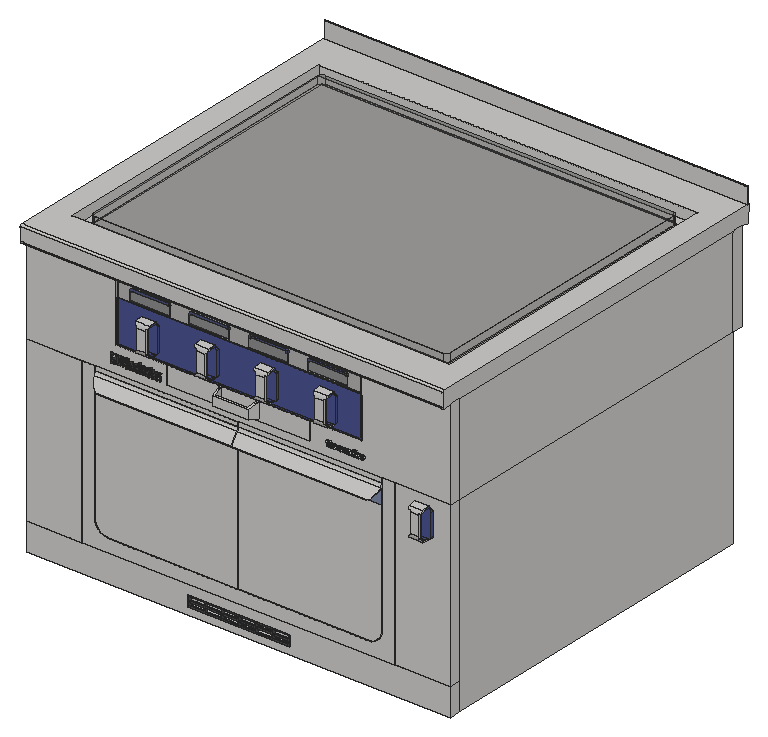
Revit family "QF_ELECTROLUXPROFESSIONAL_589696_MCLPEBJ4AO", category Attrezzature speciali, Revit 2020 (continued)
Definition of nested family "Front_Panel_W1000_Four Knobs"
  Definition of nested family "ELX_Professional_Logo_Small"
    Forms (mm)
      Extrusion 2, solid, material <- "Material_Logo"
        sketch origin (15.5, 0, 0) x (1, 0, 0) y (0, 1, 0)
          loop
            spline (-14.951, -3.871) -> (-14.564, -3.86) -> (-14.184, -3.826) -> (-13.809, -3.77) -> (-13.44, -3.689) -> (-13.078, -3.583) -> (-12.723, -3.451) -> (-12.375, -3.292) -> (-12.035, -3.105) -> (-11.703, -2.89) -> (-11.38, -2.646) -> (-11.065, -2.371) -> (-10.76, -2.066)
            line (-10.76, -2.066) -> (-12.295, -0.468)
            spline (-12.295, -0.468) -> (-12.474, -0.643) -> (-12.659, -0.805) -> (-12.85, -0.953) -> (-13.048, -1.087) -> (-13.254, -1.206) -> (-13.467, -1.311) -> (-13.69, -1.4) -> (-13.921, -1.475) -> (-14.162, -1.533) -> (-14.414, -1.575) -> (-14.677, -1.6) -> (-14.951, -1.609)
            spline (-14.951, -1.609) -> (-15.398, -1.581) -> (-15.823, -1.497) -> (-16.223, -1.362) -> (-16.596, -1.179) -> (-16.937, -0.95) -> (-17.243, -0.678) -> (-17.512, -0.367) -> (-17.739, -0.02) -> (-17.921, 0.36) -> (-18.055, 0.771) -> (-18.138, 1.208) -> (-18.167, 1.669)
          loop
            spline (-4.441, -1.243) -> (-4.659, -1.247) -> (-4.894, -1.23) -> (-5.137, -1.19) -> (-5.384, -1.121) -> (-5.628, -1.021) -> (-5.864, -0.884) -> (-6.084, -0.708) -> (-6.283, -0.488) -> (-6.454, -0.219) -> (-6.592, 0.101) -> (-6.69, 0.478) -> (-6.742, 0.914)
            line (-6.742, 0.914) -> (-6.742, 4.587) -> (-4.487, 4.587) -> (-4.487, 6.838) -> (-6.738, 6.838) -> (-6.738, 10.824) -> (-9.217, 10.824) -> (-9.217, 0.773)
            spline (-9.217, 0.773) -> (-9.164, 0.19) -> (-9.068, -0.358) -> (-8.928, -0.87) -> (-8.742, -1.343) -> (-8.511, -1.777) -> (-8.232, -2.168) -> (-7.904, -2.515) -> (-7.527, -2.816) -> (-7.098, -3.069) -> (-6.618, -3.273) -> (-6.084, -3.426) -> (-5.496, -3.525)
            line (-5.496, -3.525) -> (-4.45, -3.573) -> (-4.441, -1.243)
          loop
            spline (3.898, 6.983) -> (3.469, 7.009) -> (3.056, 7.001) -> (2.661, 6.961) -> (2.283, 6.888) -> (1.925, 6.785) -> (1.588, 6.652) -> (1.272, 6.49) -> (0.979, 6.301) -> (0.71, 6.085) -> (0.465, 5.844) -> (0.247, 5.578) -> (0.056, 5.289)
            line (0.056, 5.289) -> (0.056, 6.838) -> (-2.402, 6.838) -> (-2.402, -3.572) -> (0.056, -3.572) -> (0.056, 1.901)
            spline (0.056, 1.901) -> (0.079, 2.316) -> (0.145, 2.703) -> (0.254, 3.06) -> (0.404, 3.386) -> (0.592, 3.679) -> (0.818, 3.938) -> (1.08, 4.162) -> (1.375, 4.348) -> (1.703, 4.495) -> (2.062, 4.602) -> (2.45, 4.668) -> (2.865, 4.69)
            line (2.865, 4.69) -> (3.898, 4.586) -> (3.898, 6.983)
          loop
            spline (15.638, 1.633) -> (15.586, 2.396) -> (15.435, 3.124) -> (15.192, 3.81) -> (14.863, 4.449) -> (14.455, 5.034) -> (13.975, 5.56) -> (13.43, 6.021) -> (12.826, 6.411) -> (12.17, 6.724) -> (11.469, 6.955) -> (10.729, 7.098) -> (9.958, 7.147)
            spline (9.958, 7.147) -> (9.182, 7.098) -> (8.44, 6.955) -> (7.737, 6.724) -> (7.081, 6.411) -> (6.477, 6.021) -> (5.933, 5.56) -> (5.454, 5.034) -> (5.048, 4.449) -> (4.721, 3.81) -> (4.479, 3.124) -> (4.329, 2.396) -> (4.277, 1.633)
            spline (4.277, 1.633) -> (4.329, 0.869) -> (4.479, 0.141) -> (4.721, -0.544) -> (5.048, -1.183) -> (5.454, -1.768) -> (5.933, -2.294) -> (6.477, -2.755) -> (7.081, -3.145) -> (7.737, -3.459) -> (8.44, -3.69) -> (9.182, -3.833) -> (9.958, -3.882)
            spline (9.958, -3.882) -> (10.729, -3.833) -> (11.469, -3.69) -> (12.17, -3.459) -> (12.826, -3.145) -> (13.43, -2.755) -> (13.975, -2.294) -> (14.455, -1.768) -> (14.863, -1.183) -> (15.192, -0.544) -> (15.435, 0.141) -> (15.586, 0.869) -> (15.638, 1.633)
          loop
            spline (13.18, 1.633) -> (13.151, 2.083) -> (13.067, 2.513) -> (12.932, 2.918) -> (12.748, 3.296) -> (12.52, 3.642) -> (12.251, 3.954) -> (11.943, 4.227) -> (11.601, 4.459) -> (11.228, 4.645) -> (10.828, 4.782) -> (10.403, 4.867) -> (9.958, 4.896)
            spline (9.958, 4.896) -> (9.509, 4.867) -> (9.081, 4.782) -> (8.679, 4.645) -> (8.306, 4.459) -> (7.964, 4.227) -> (7.658, 3.954) -> (7.39, 3.642) -> (7.163, 3.296) -> (6.981, 2.918) -> (6.847, 2.513) -> (6.765, 2.083) -> (6.736, 1.633)
            spline (6.736, 1.633) -> (6.765, 1.182) -> (6.847, 0.753) -> (6.981, 0.347) -> (7.163, -0.031) -> (7.39, -0.377) -> (7.658, -0.689) -> (7.964, -0.962) -> (8.306, -1.193) -> (8.679, -1.38) -> (9.081, -1.517) -> (9.509, -1.602) -> (9.958, -1.631)
            spline (9.958, -1.631) -> (10.403, -1.602) -> (10.828, -1.517) -> (11.228, -1.38) -> (11.601, -1.193) -> (11.943, -0.962) -> (12.251, -0.689) -> (12.52, -0.377) -> (12.748, -0.031) -> (12.932, 0.347) -> (13.067, 0.753) -> (13.151, 1.182) -> (13.18, 1.633)
          loop
            line (17.162, 4.269) -> (17.162, -3.573) -> (19.642, -3.573) -> (19.642, 10.824) -> (17.162, 10.824) -> (17.162, 4.269)
          loop
            line (28.581, 6.838) -> (28.581, 0.786)
            spline (28.581, 0.786) -> (28.561, 0.393) -> (28.503, 0.038) -> (28.409, -0.279) -> (28.281, -0.559) -> (28.122, -0.802) -> (27.933, -1.011) -> (27.717, -1.185) -> (27.476, -1.325) -> (27.213, -1.433) -> (26.929, -1.509) -> (26.626, -1.554) -> (26.308, -1.569)
            spline (26.308, -1.569) -> (25.99, -1.554) -> (25.688, -1.509) -> (25.404, -1.434) -> (25.141, -1.326) -> (24.9, -1.187) -> (24.684, -1.014) -> (24.496, -0.807) -> (24.336, -0.565) -> (24.209, -0.288) -> (24.115, 0.026) -> (24.057, 0.376) -> (24.037, 0.765)
            line (24.037, 0.765) -> (24.037, 6.838) -> (21.537, 6.838) -> (21.537, 0.558)
            spline (21.537, 0.558) -> (21.581, -0.153) -> (21.71, -0.8) -> (21.916, -1.384) -> (22.195, -1.904) -> (22.54, -2.362) -> (22.944, -2.757) -> (23.403, -3.09) -> (23.909, -3.362) -> (24.456, -3.572) -> (25.04, -3.722) -> (25.652, -3.811) -> (26.288, -3.841)
            spline (26.288, -3.841) -> (26.929, -3.811) -> (27.547, -3.72) -> (28.135, -3.568) -> (28.687, -3.355) -> (29.197, -3.079) -> (29.66, -2.741) -> (30.068, -2.341) -> (30.415, -1.877) -> (30.696, -1.349) -> (30.905, -0.757) -> (31.034, -0.101) -> (31.079, 0.621)
            line (31.079, 0.621) -> (31.079, 6.838) -> (28.581, 6.838)
          loop
            line (40.457, -0.243) -> (38.894, 1.942) -> (40.83, 4.579) -> (42.488, 6.837) -> (39.782, 6.837) -> (37.53, 3.719) -> (35.258, 6.837) -> (32.573, 6.837) -> (34.113, 4.731) -> (36.167, 1.922) -> (34.014, -1.076) -> (32.222, -3.573) -> (34.887, -3.573) -> (37.53, 0.104) -> (40.174, -3.573) -> (42.839, -3.573) -> (40.457, -0.243)
          loop
            line (-46.121, -5.837) -> (-48.039, -5.837) -> (-48.039, -10.814) -> (-47.016, -10.814) -> (-47.016, -9.128) -> (-46.121, -9.128)
            arc (-46.121, -9.128) -> (-44.476, -7.482) -> (-46.121, -5.837) r 1.645
          loop
            line (-46.163, -6.778) -> (-47.016, -6.778) -> (-47.016, -8.187) -> (-46.163, -8.187)
            arc (-46.163, -8.187) -> (-45.458, -7.482) -> (-46.163, -6.778) r 0.704
          loop
            line (-38.313, -5.837) -> (-40.265, -5.837) -> (-40.265, -10.814) -> (-39.241, -10.814) -> (-39.241, -9.1) -> (-38.46, -9.182) -> (-37.48, -10.814) -> (-36.318, -10.814) -> (-37.513, -8.848)
            arc (-37.513, -8.848) -> (-36.888, -8.266) -> (-36.671, -7.441) r 1.536
            arc (-36.671, -7.441) -> (-37.165, -6.305) -> (-38.313, -5.837) r 1.643
          loop
            arc (-38.402, -8.166) -> (-37.707, -7.505) -> (-38.334, -6.778) r 0.696
            line (-38.334, -6.778) -> (-39.241, -6.778) -> (-39.241, -8.166) -> (-38.402, -8.166)
          loop
            circle (-29.965, -8.325) r 2.585
          loop
            circle (-29.965, -8.325) r 1.64
          loop
            line (-23.1, -5.837) -> (-23.1, -10.814) -> (-22.076, -10.814) -> (-22.076, -8.768) -> (-20.204, -8.768) -> (-20.204, -7.828) -> (-22.076, -7.828) -> (-22.076, -6.778) -> (-20.024, -6.778) -> (-20.024, -5.837) -> (-23.1, -5.837)
          loop
            line (-15.802, -5.837) -> (-15.802, -9.2)
            arc (-15.802, -9.2) -> (-15.343, -10.34) -> (-14.209, -10.814) r 1.593
            line (-14.209, -10.814) -> (-12.602, -10.814) -> (-12.602, -10.027) -> (-14.004, -10.027)
            arc (-14.004, -10.027) -> (-14.552, -9.8) -> (-14.779, -9.252) r 0.775
            line (-14.779, -9.252) -> (-14.779, -8.424) -> (-12.789, -8.424) -> (-12.789, -7.642) -> (-14.779, -7.642) -> (-14.779, -6.778) -> (-12.651, -6.778) -> (-12.651, -5.837) -> (-15.802, -5.837)
          loop
            line (-5.909, -7.143) -> (-5.173, -6.638)
            arc (-5.173, -6.638) -> (-5.855, -5.974) -> (-6.781, -5.755) r 1.782
            arc (-6.781, -5.755) -> (-7.397, -5.878) -> (-7.944, -6.189) r 1.974
            arc (-7.944, -6.189) -> (-8.202, -6.5) -> (-8.317, -6.888) r 1.013
            arc (-8.317, -6.888) -> (-8.306, -7.341) -> (-8.192, -7.78) r 1.985
            arc (-8.192, -7.78) -> (-7.749, -8.259) -> (-7.171, -8.563) r 1.928
            arc (-7.171, -8.563) -> (-6.637, -8.779) -> (-6.131, -9.056) r 5.041
            arc (-6.131, -9.056) -> (-5.934, -9.387) -> (-6.09, -9.74) r 0.42
            arc (-6.09, -9.74) -> (-6.631, -9.96) -> (-7.204, -9.845) r 1.016
            arc (-7.204, -9.845) -> (-7.625, -9.603) -> (-7.889, -9.196) r 1.033
            line (-7.889, -9.196) -> (-8.67, -9.686)
            arc (-8.67, -9.686) -> (-8.361, -10.198) -> (-7.908, -10.589) r 1.914
            arc (-7.908, -10.589) -> (-7.334, -10.834) -> (-6.714, -10.896) r 2.063
            arc (-6.714, -10.896) -> (-5.947, -10.743) -> (-5.256, -10.376) r 2.696
            arc (-5.256, -10.376) -> (-4.95, -9.565) -> (-5.108, -8.712) r 1.618
            arc (-5.108, -8.712) -> (-5.448, -8.319) -> (-5.884, -8.035) r 1.876
            arc (-5.884, -8.035) -> (-6.434, -7.789) -> (-6.999, -7.577) r 9.883
            arc (-6.999, -7.577) -> (-7.325, -7.07) -> (-6.854, -6.694) r 0.45
            arc (-6.854, -6.694) -> (-6.329, -6.809) -> (-5.909, -7.143) r 1.197
          loop
            line (1.61, -7.143) -> (2.345, -6.638)
            arc (2.345, -6.638) -> (1.663, -5.974) -> (0.737, -5.755) r 1.782
            arc (0.737, -5.755) -> (0.121, -5.878) -> (-0.425, -6.189) r 1.974
            arc (-0.425, -6.189) -> (-0.683, -6.5) -> (-0.799, -6.888) r 1.013
            arc (-0.799, -6.888) -> (-0.788, -7.341) -> (-0.674, -7.78) r 1.985
            arc (-0.674, -7.78) -> (-0.231, -8.259) -> (0.347, -8.563) r 1.928
            arc (0.347, -8.563) -> (0.881, -8.779) -> (1.387, -9.056) r 5.041
            arc (1.387, -9.056) -> (1.584, -9.387) -> (1.428, -9.74) r 0.42
            arc (1.428, -9.74) -> (0.887, -9.96) -> (0.314, -9.845) r 1.016
            arc (0.314, -9.845) -> (-0.107, -9.603) -> (-0.371, -9.196) r 1.033
            line (-0.371, -9.196) -> (-1.152, -9.686)
            arc (-1.152, -9.686) -> (-0.842, -10.198) -> (-0.39, -10.589) r 1.914
            arc (-0.39, -10.589) -> (0.184, -10.834) -> (0.804, -10.896) r 2.063
            arc (0.804, -10.896) -> (1.572, -10.743) -> (2.263, -10.376) r 2.696
            arc (2.263, -10.376) -> (2.568, -9.565) -> (2.411, -8.712) r 1.618
            arc (2.411, -8.712) -> (2.07, -8.319) -> (1.635, -8.035) r 1.876
            arc (1.635, -8.035) -> (1.084, -7.789) -> (0.519, -7.577) r 9.883
            arc (0.519, -7.577) -> (0.193, -7.07) -> (0.665, -6.694) r 0.45
            arc (0.665, -6.694) -> (1.189, -6.809) -> (1.61, -7.143) r 1.197
          loop
            line (6.801, -5.837) -> (6.801, -10.814) -> (7.825, -10.814) -> (7.825, -5.837) -> (6.801, -5.837)
          loop
            circle (14.724, -8.325) r 1.548
          loop
            circle (14.724, -8.325) r 2.585
          loop
            line (21.59, -10.814) -> (22.623, -10.814) -> (22.623, -7.685) -> (24.9, -10.814) -> (25.895, -10.814) -> (25.895, -5.837) -> (24.861, -5.837) -> (24.861, -9.061) -> (22.585, -5.837) -> (21.59, -5.837) -> (21.59, -10.814)
          loop
            line (31.054, -10.814) -> (31.539, -9.74) -> (33.38, -9.74) -> (33.865, -10.814) -> (34.965, -10.814) -> (32.46, -5.837) -> (29.956, -10.814) -> (31.054, -10.814)
          loop
            line (32.46, -7.698) -> (31.999, -8.719) -> (32.921, -8.719) -> (32.46, -7.698)
          loop
            line (40.047, -9.873) -> (40.047, -5.837) -> (39.024, -5.837) -> (39.024, -10.814) -> (41.961, -10.814) -> (41.961, -9.873) -> (40.047, -9.873)
          loop
            line (-74.986, -10.814) -> (-53.322, -10.814) -> (-53.322, 10.82) -> (-74.986, 10.82) -> (-74.986, -10.814)
          loop
            line (-61.261, 9.758) -> (-61.261, -9.707)
            arc (-61.261, -9.707) -> (-54.066, 0.025) -> (-61.261, 9.758) r 10.18
          loop
            line (-62.251, 8.349) -> (-62.251, 9.758)
            arc (-62.251, 9.758) -> (-70.347, 7.918) -> (-74.247, 0.59) r 9.976
            line (-74.247, 0.59) -> (-71.026, 0.59)
            arc (-71.026, 0.59) -> (-65.274, 2.925) -> (-62.251, 8.349) r 9.351
          loop
            arc (-74.247, -0.539) -> (-70.353, -7.928) -> (-62.251, -9.957) r 10.237
            line (-62.251, -9.957) -> (-62.251, -8.298)
            arc (-62.251, -8.298) -> (-65.274, -2.874) -> (-71.026, -0.539) r 9.351
            line (-71.026, -0.539) -> (-74.247, -0.539)
        from 0 to 1.644
    Dimensions and locks
      aligned and locked: plane 2 to Extrusion 1
      aligned and locked: level to Extrusion 1
Definition of nested family "H450H2W1000_2DOOR"
  Parameters
    Width [instance] = 680 mm
    Wdoor [instance] = Width / 2  # 340 mm
    Show Clearance [instance] = yes
    Model = "727995"
    Height = 450 mm
    Default Elevation = 0 mm
  Reference planes
    plane 1 "Center (Front/Back)": y = 0
    plane 2: z = 0
    plane 3 "Center (Left/Right)": x = 36.042
    plane 4 "panel": z = 25
    plane 5: x = -303.958
    plane 6: x = 376.042
    plane 7: y = 450
    plane 8: z = 340
    plane 9: z = 45
  Forms (mm)
    Extrusion 1, solid
      sketch origin (0, -919.2, 0) x (1, 0, 0) y (0, 1, 0)
        loop
          line (-980.5, 2119.2) -> (-980.5, -162.846) -> (881.94, -162.846) -> (881.94, 2119.2) -> (-980.5, 2119.2)
      from 0 to -59.546
    Extrusion 2, solid
      sketch origin (0, 0, 0) x (1, 0, 0) y (0, 1, 0)
        loop
          line (374.042, 393) -> (37.042, 393) -> (37.042, 97) -> (344.042, 97)
          arc (344.042, 97) -> (365.255, 105.787) -> (374.042, 127) r 30
          line (374.042, 127) -> (374.042, 393)
        loop
          arc (-301.958, 127) -> (-293.171, 105.787) -> (-271.958, 97) r 30
          line (-271.958, 97) -> (35.042, 97) -> (35.042, 393) -> (-301.958, 393) -> (-301.958, 127)
      from 0 to 25
    Extrusion 3, solid
      sketch origin (0, 0, 0) x (1, 0, 0) y (0, 1, 0)
        loop
          line (-301.958, 393) -> (35.042, 393) -> (35.042, 440) -> (-301.958, 440) -> (-301.958, 393)
        loop
          line (37.042, 440) -> (37.042, 393) -> (374.042, 393) -> (374.042, 440) -> (37.042, 440)
      from 0 to 25
    Extrusion 4, solid
      sketch origin (5.581, 79.805, 0) x (1, 0, 0) y (0, 1, 0)
        loop
          line (-307.539, 360.195) -> (29.461, 360.195) -> (29.461, 370.195) -> (-307.539, 370.195) -> (-307.539, 360.195)
        loop
          line (31.461, 370.195) -> (31.461, 360.195) -> (368.461, 360.195) -> (368.461, 370.195) -> (31.461, 370.195)
      from 0 to 25
    Extrusion 5, solid
      sketch origin (36.042, 0, 0) x (0, 1, 0) y (0, 0, 1)
        loop
          line (426.693, 25) -> (440.02, 25)
          arc (440.02, 25) -> (435.261, 25.775) -> (430.993, 28.02) r 15
          line (430.993, 28.02) -> (406.653, 46.362) -> (403.644, 42.369) -> (426.693, 25)
      from 1 to 338
    Extrusion 6, solid
      sketch origin (36.042, 0, 0) x (0, 1, 0) y (0, 0, 1)
        loop
          line (426.693, 25) -> (440.02, 25)
          arc (440.02, 25) -> (435.261, 25.775) -> (430.993, 28.02) r 15
          line (430.993, 28.02) -> (406.653, 46.362) -> (403.644, 42.369) -> (426.693, 25)
      from -338 to -1
    Extrusion 7, void
      sketch origin (0, 0, 0) x (1, 0, 0) y (0, 1, 0)
        loop
          arc (374.042, 426.693) -> (364.508, 412.772) -> (350.317, 403.644) r 42.603
          line (350.317, 403.644) -> (374.042, 403.644) -> (374.042, 426.693)
      from 0 to 47.9
    Extrusion 8, void
      sketch origin (72.084, 0, 0) x (-1, 0, 0) y (0, -1, 0)
        loop
          line (374.042, -426.693) -> (374.042, -403.644) -> (350.317, -403.644)
          arc (350.317, -403.644) -> (364.508, -412.772) -> (374.042, -426.693) r 42.603
      from 0 to 47.9
    Extrusion 9, solid, detail levels coarse
      sketch origin (0, 0, 0) x (1, 0, 0) y (0, 0, 1)
        loop
          arc (36.231, 25) -> (-56.085, 247.873) -> (-278.958, 340.189) r 315.189
          line (-278.958, 340.189) -> (-278.958, 25) -> (36.231, 25)
      from -450 to -97
    Extrusion 10, solid, detail levels coarse
      sketch origin (0, 0, 0) x (1, 0, 0) y (0, 0, 1)
        loop
          arc (351.042, 340) -> (128.303, 247.739) -> (36.042, 25) r 315
          line (36.042, 25) -> (351.042, 25) -> (351.042, 340)
      from -450 to -97
  Cuts and joins
    Extrusion 8 cuts Extrusion 6
    Extrusion 7 cuts Extrusion 5
  Lines and regions (mm)
    symbolic lines
      curve 1: line (376.042, 0, 45) -> (376.042, 0, 340)
      curve 2: line (351.042, 0, 45) -> (351.042, 0, 340)
      curve 3: line (376.042, 0, 340) -> (351.042, 0, 340)
      curve 4: line (-303.958, 0, 45) -> (-303.958, 0, 340)
      curve 5: line (-278.958, 0, 45) -> (-278.958, 0, 340)
      curve 6: line (-303.958, 0, 340) -> (-278.958, 0, 340)
      curve 7: arc (351.042, 0, 340) -> (135.522, 0, 254.731) -> (36.683, 0, 45.088) r 315
      curve 8: arc (35.407, 0, 44.997) -> (-63.405, 0, 254.7) -> (-278.958, 0, 340) r 315
  Dimensions and locks
    plane 4 "panel" to level = 25 mm
    "Width": plane 5 to plane 6
    equal spacing: plane 5, plane 3 "Center (Left/Right)", plane 6
    "Height": plane 1 "Center (Front/Back)" to plane 7
    locked: plane 5 to Extrusion 2 sketch curve at 2
    locked: Extrusion 2 sketch curve to plane 6 at 2
    locked: plane 1 "Center (Front/Back)" to Extrusion 2 sketch curve at 97
    locked: plane 7 to Extrusion 2 sketch curve at 57
    locked: Extrusion 2 sketch curve to plane 3 "Center (Left/Right)" at 1
    locked: plane 3 "Center (Left/Right)" to Extrusion 2 sketch curve at 1
    Extrusion 3 sketch curve to Extrusion 2 = 47 mm
    "Wdoor": plane 8 to level
    locked: curve 2 to curve 1 at 25
    locked: curve 5 to curve 4 at 25
    plane 4 "panel" to plane 9 = 20 mm
    aligned and locked: plane 2 to Extrusion 1
    aligned and locked: level to Extrusion 1
    aligned and locked: plane 4 "panel" to Extrusion 2
    aligned and locked: Extrusion 2 to Extrusion 3 sketch curve
    aligned and locked: Extrusion 3 sketch curve to Extrusion 2  (x2)
    aligned and locked: Extrusion 3 sketch curve to Extrusion 3 sketch curve
    aligned and locked: plane 4 "panel" to Extrusion 3
    aligned and locked: Extrusion 4 sketch curve to Extrusion 4 sketch curve
    aligned and locked: Extrusion 4 sketch curve to Extrusion 3  (x3)
    aligned and locked: Extrusion 3 to Extrusion 4 sketch curve
    aligned and locked: Extrusion 4 sketch curve to plane 7
    aligned and locked: Extrusion 3 to Extrusion 5
    aligned and locked: Extrusion 5 to Extrusion 3
    aligned and locked: Extrusion 6 to Extrusion 3
    aligned and locked: Extrusion 3 to Extrusion 6
    aligned and locked: Extrusion 7 sketch curve to Extrusion 5
    aligned and locked: Extrusion 8 to Extrusion 6
    aligned and locked: Extrusion 4 to Extrusion 8
    aligned and locked: Extrusion 2 to Extrusion 7
    aligned and locked: Extrusion 7 to Extrusion 5
    aligned and locked: Extrusion 4 to Extrusion 3  (x2)
    aligned and locked: Extrusion 3 to Extrusion 2
    aligned and locked: Extrusion 4 to Extrusion 2
    aligned and locked: curve 3 to plane 8
    aligned and locked: curve 1 to plane 6
    aligned and locked: curve 4 to plane 5
    aligned and locked: Extrusion 9 sketch curve to plane 4 "panel"
    aligned and locked: Extrusion 10 sketch curve to curve 7
    aligned and locked: Extrusion 10 sketch curve to curve 2
    aligned and locked: Extrusion 2 to Extrusion 9
    aligned and locked: Extrusion 2 to Extrusion 10
    aligned and locked: plane 7 to Extrusion 9
    aligned and locked: Extrusion 3 to Extrusion 4
  Automatic sketch dimensions
    Extrusion 1 sketch curve to Extrusion 1 sketch curve = 1862.44 mm
    Extrusion 1 sketch curve to Extrusion 1 sketch curve = 2282.046 mm
    Extrusion 2 sketch curve to Extrusion 2 sketch curve = 30 mm  (x2)
    Extrusion 2 sketch curve to plane 1 "Center (Front/Back)" = 97 mm
    Extrusion 2 sketch curve to Extrusion 2 sketch curve = 0 mm
    Extrusion 3 sketch curve to plane 3 "Center (Left/Right)" = 1 mm
    plane 5 to Extrusion 3 sketch curve = 2 mm
    Extrusion 3 sketch curve to Extrusion 3 sketch curve = 0 mm
    Extrusion 5 sketch curve to plane 4 "panel" = 0 mm
    plane 4 "panel" to Extrusion 5 sketch curve = 17.369 mm
    Extrusion 5 sketch curve to plane 7 = 46.356 mm
    plane 4 "panel" to Extrusion 5 sketch curve = 21.362 mm
    Extrusion 5 sketch curve to Extrusion 5 sketch curve = 3.009 mm
    plane 4 "panel" to Extrusion 5 sketch curve = 3.02 mm
    Extrusion 5 sketch curve to Extrusion 5 sketch curve = 9.027 mm
    Extrusion 6 sketch curve to plane 4 "panel" = 0 mm
    plane 4 "panel" to Extrusion 6 sketch curve = 17.369 mm
    Extrusion 6 sketch curve to plane 7 = 46.356 mm
    plane 4 "panel" to Extrusion 6 sketch curve = 21.362 mm
    Extrusion 6 sketch curve to Extrusion 6 sketch curve = 3.009 mm
    plane 4 "panel" to Extrusion 6 sketch curve = 3.02 mm
    Extrusion 6 sketch curve to Extrusion 6 sketch curve = 9.027 mm
    Extrusion 7 sketch curve to Extrusion 7 sketch curve = 23.725 mm
    Extrusion 7 sketch curve to plane 7 = 6.671 mm
    Extrusion 7 sketch curve to plane 6 = 41.221 mm
    Extrusion 7 sketch curve to plane 7 = 23.307 mm
    plane 7 to Extrusion 8 sketch curve = 6.671 mm
    Extrusion 8 sketch curve to plane 5 = 41.221 mm
    Extrusion 8 sketch curve to plane 5 = 25.725 mm
    Extrusion 8 sketch curve to plane 5 = 2 mm
    plane 7 to Extrusion 8 sketch curve = 23.307 mm
    Extrusion 4 sketch curve to Extrusion 4 sketch curve = 10 mm
    Extrusion 4 sketch curve to plane 7 = 10 mm
    curve 2 to plane 9 = 0 mm
    curve 5 to plane 9 = 0 mm
    curve 4 to plane 9 = 0 mm
    curve 1 to plane 9 = 0 mm
    curve 8 to plane 4 "panel" = 0 mm
    curve 5 to plane 8 = 0 mm
    curve 8 to plane 9 = 0.003 mm
    curve 7 to plane 4 "panel" = 0 mm
    plane 9 to curve 7 = 0.088 mm
    plane 5 to Extrusion 9 sketch curve = 25 mm
    plane 3 "Center (Left/Right)" to Extrusion 9 sketch curve = 0.189 mm
Definition of nested family "Warm"
  Reference planes
    plane 1 "Center (Front/Back)": y = 0
    plane 2: z = 0
    plane 3 "Center (Left/Right)": x = 0
  Lines and regions (mm)
    detail lines, in view "Ref. Level"
      curve 1: circle (-165.742, 180.331, 0) r 45 normal (0, 0, 1)
      curve 2: line (-165.742, 125.331, 0) -> (-165.742, 80.331, 0)
      curve 3: line (-165.742, 235.331, 0) -> (-165.742, 280.331, 0)
      curve 4: line (-105.742, 180.331, 0) -> (-65.742, 180.331, 0)
      curve 5: line (-220.742, 180.331, 0) -> (-265.742, 180.331, 0)
      curve 6: line (-126.851, 141.44, 0) -> (-95.031, 109.62, 0)
      curve 7: line (-204.632, 219.221, 0) -> (-236.452, 251.041, 0)
      curve 8: line (-126.851, 219.221, 0) -> (-95.031, 251.041, 0)
      curve 9: line (-204.632, 141.44, 0) -> (-236.452, 109.62, 0)
